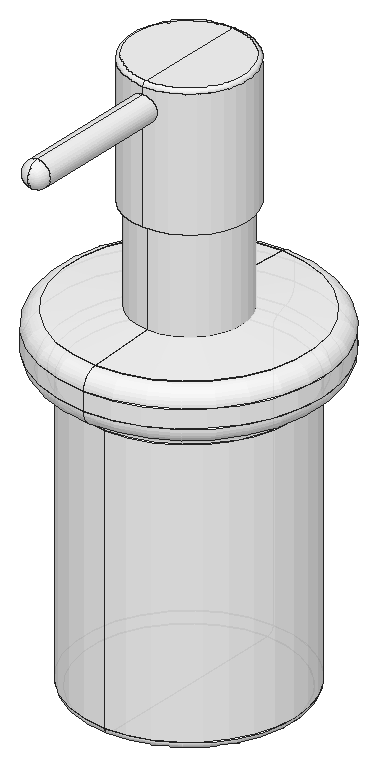
Revit family "Reece_Accessory_Mizu_Drift_Soap Dispenser", category Plumbing Fixtures, Revit 2018
Family settings
  Round Connector Dimension = Use Diameter
  Part Type = Normal
  Work Plane-Based = Yes
  Always vertical = Yes
  Cut with Voids When Loaded = Yes
  Shared = Yes
  Room Calculation Point = Yes
Parameters (values of type "Chrome_Glass")
  URL = "https://www.reece.com.au/product/-9504303"
  Type Comments = "Accessory"
  Reece_Product_Web Page = "https://www.reece.com.au/product/-9504303"
  Reece_Product_Type = "Accessory"
  Reece_Product_Sub Brand = "Drift"
  Reece_Product_Number = "9504303"
  Reece_Product_Mount = "N/A"
  Reece_Product_Description = "Mizu Drift Soap Dispenser Bottle and Pump"
  Reece_Product_Brand = "Mizu"
  Reece_Overall_Height = 157 mm  # constant formula
  Reece_Material_Secondary = Reece_Brass_Chrome
  Reece_Material_Main = Reece_Safety Glass_Opaque
  Reece_Detail_Shape = ""
  Reece_Detail_Installation = ""
  Reece_Detail_Disclaimer = "THIS FILE IS THE PROPERTY OF THE REECE GROUP. IT MAY NOT BE REPRODUCED, REVERSE-ENGINEERED OR MODIFIED. ANY REPUBLICATION, TRANSMISSION OR DISTRIBUTION FOR THE PURPOSE OF COMMERCIALLY EXPLOITING THE FILES IS PROHIBITED."  # constant formula
  Reece_Detail_Connector = ""
  Reece_Detail_Additional = ""
  Model = "Drift"
  Manufacturer = "Mizu"
  Keynote = "Product #9504303, Reece_Accessory_Mizu_Drift_Soap Dispenser - Chrome_Glass"
  Disclaimer = "THIS FILE IS THE PROPERTY OF THE REECE GROUP. IT MAY NOT BE REPRODUCED, REVERSE-ENGINEERED OR MODIFIED. ANY REPUBLICATION, TRANSMISSION OR DISTRIBUTION FOR THE PURPOSE OF COMMERCIALLY EXPLOITING THE FILES IS PROHIBITED."  # constant formula
  Description = "Soap Dispenser"
  Default Elevation = 1000 mm
Reference planes
  plane 1 "Center (Front/Back)": y = 0
  plane 2 "Bottom Host Plane": z = 0
  plane 3 "Center (Left/Right)": x = 0
Forms (mm)
  Revolve 1, solid, material "Reece_Safety Glass_Opaque" <- "Reece_Material_Main"
    sketch origin (0, 0, 0) x (0, 1, 0) y (0, 0, 1)
      loop
        arc (-30.856, 78.534) -> (-29.69, 77.617) -> (-29.25, 76.2) r 2.5
        line (-29.25, 76.2) -> (-29.25, 2)
        arc (-29.25, 2) -> (-28.664, 0.586) -> (-27.25, 0) r 2
        line (-27.25, 0) -> (0, 0) -> (0, 94.774) -> (-14.5, 94.774) -> (-32.518, 93.7)
        arc (-32.518, 93.7) -> (-35.525, 92.294) -> (-36.75, 89.208) r 4.5
        line (-36.75, 89.208) -> (-36.75, 84.232)
        arc (-36.75, 84.232) -> (-35.87, 81.398) -> (-33.539, 79.563) r 5
        line (-33.539, 79.563) -> (-30.856, 78.534)
      axis (0, 94.774) -> (0, 0)
    angle from 0 to 360
  Revolve 2, solid, material "Reece_Brass_Chrome" <- "Reece_Material_Secondary"
    sketch origin (0, 0, 0) x (0, 1, 0) y (0, 0, 1)
      loop
        line (0, 157) -> (-15, 157)
        arc (-15, 157) -> (-15.707, 156.707) -> (-16, 156) r 1
        line (-16, 156) -> (-16, 121) -> (-14.5, 121) -> (-14.5, 94.774) -> (0, 94.774) -> (0, 157)
      axis (0, 94.774) -> (0, 157)
    angle from 0 to 360
  Revolve 3, solid, material "Reece_Brass_Chrome" <- "Reece_Material_Secondary"
    sketch origin (0, 0, 0) x (0, 1, 0) y (0, 0, 1)
      loop
        line (0, 154) -> (-52.638, 154)
        arc (-52.638, 154) -> (-55.112, 152.975) -> (-56.138, 150.5) r 3.5
        line (-56.138, 150.5) -> (0, 150.5) -> (0, 154)
      axis (0, 150.5) -> (-56.138, 150.5)
    angle from 0 to 360
Cuts and joins
  joined: Revolve 2, Revolve 3
Text (mm)
  text "Reece ©" at (2657.316, -2526.112, 2833.385), in view "Reece Preview"
  text "Reece ©" at (1631.025, -1085.127, -1020.679), in view "Ref. Level"
